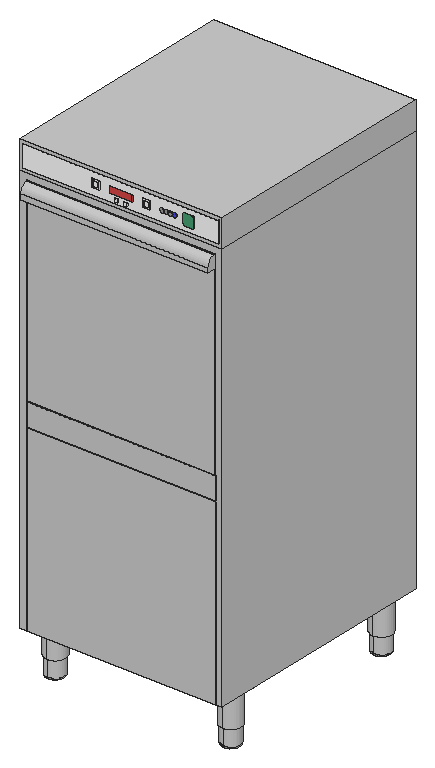
Revit family "QF_COMENDA_CE90", category Attrezzature speciali, Revit 2019
Family settings
  Quota connettore circolare = Usa diametro
  Tipo di parte = Normale
  Numero OmniClass = 23.40.40.14
  Titolo OmniClass = Food Service Equipment
  Basato su piano di lavoro = No
  Sempre verticale = Sì
  Taglio con vuoti quando caricato = No
  Condiviso = No
  Punto di calcolo locali = No
Parameters (values of type "H59023")
  URL catalogo = ""
  URL = "https://www.hoonved.com/"
  Tipo di scarico indiretto acqua [instance] = ""
  Tipo di raccordo elettrico [instance] = ""
  Tensione = 400 V
  Temperatura raccomandata per acqua calda  = 60 °C
  Temperatura di alimentazione acqua calda = 60 °C
  Stato [instance] = ""
  Specifiche del Fabbricante [instance] = ""
  Specifiche da parte dell'utilizzatore [instance] = ""
  Specifiche da capitolato = ""
  SMACNA specifica per materiali USA = ""
  Protezione contro le sovracorrenti = 0 A
  Profondità = 742 mm
  Potenza in CV = ""
  Potenza elettrica = 7500 W
  Potenza apparente = 7500 VA
  Portata acqua calda = 0.0 L/s
  Peso netto = 0.00 kg
  Numero di serie = ""
  Numero di identificazione NAFEM = ""
  Numero dei poli = 3
  Modello = "C90DE"
  Produttore = "HOONVED"
  Lunghezza = 620 mm
  Installato da [instance] = ""
  Identificatore attrezzatura [instance] = no
  Identificare quantità come lotto [instance] = no
  Frequenza = 50 Hz
  Fornito da [instance] = ""
  Fase = 3
  Diametro raccordo acqua calda = 19.05 mm
  Diametro di scarico indiretto acqua = 50.8 mm
  Descrizione = "MULTIPURPOSE WASHER 500X600 MM RACK SIZE WITH WATER SOFTENER"
  Costo = 0
  Corrente a pieno carico = 10.8 A
  Codice di revisione [instance] = ""
  Codice articolo [instance] = ""
  Classificazione sismica = ""
  Classificazione nel progetto = ""
  Cavo e spina di alimentazione = ""
  Cavo di allacciamento compreso nella fornitura = no
  Assorbimento corrente minimo = 0 A
  Annotazioni scarico [instance] = ""
  Altezza indiretto acqua da pavimento finito [instance] = 225 mm
  Altezza dello scarico diretto acqua da pavimento grezzo [instance] = 0 mm
  Altezza da terra raccordo acqua calda [instance] = 225 mm
  Altezza da pavimento grezzo raccordo acqua calda  [instance] = 0 mm
  Altezza allacciamento elettrico da pavimento grezzo [instance] = 0 mm
  Altezza allacciamento elettrico da pavimento finito [instance] = 453 mm
  Altezza = 1495 mm
  Accessorio = no
Types (3, lengths in mm): name | Modello | Descrizione
  H59022 | "C90E" | "MULTIPURPOSE WASHER 500X600 MM RACK SIZE"
  H59020 | "C90EBT" | "MULTIPURPOSE WASHER 500X600 MM RACK SIZE WITH BREAK TANK"
  H59023 | "C90DE" | "MULTIPURPOSE WASHER 500X600 MM RACK SIZE WITH WATER SOFTENER"
Reference planes
  plane 1 "Centro (Fronte/Retro)": y = 0
  plane 2: z = 0
  plane 3 "Centro (Sinistra/Destra)": x = 0
Forms (mm)
  Extrusion 1, solid, not visible
    sketch origin (419, -2, 452) x (1, 0, 0) y (0, 1, 0)
      loop
        line (0, 0) -> (2, 0) -> (2, 2) -> (0, 2) -> (0, 0)
    from 0 to 2
  Extrusion 2, solid, not visible
    sketch origin (419, -2, 224) x (1, 0, 0) y (0, 1, 0)
      loop
        line (0, 0) -> (2, 0) -> (2, 2) -> (0, 2) -> (0, 0)
    from 0 to 2
  Extrusion 3, solid, not visible
    sketch origin (159, -2, 224) x (1, 0, 0) y (0, 1, 0)
      loop
        line (0, 0) -> (2, 0) -> (2, 2) -> (0, 2) -> (0, 0)
    from 0 to 2
Dimensions and locks
  aligned and locked: level to plane 2
Nested families
  nested 1: "QF_HOONVE_C90E" at (0, 0, 0), type "H59022"
    with Show Logo yes, Show Clearance yes
Connectors
  electrical at (420, 0, 453), driven by "Potenza apparente", driven by "Numero dei poli", driven by "Tensione"
    settings: on Extrusion 1, index 1, voltage 400 V, apparent load 0 VA, apparent load phase1 7500 VA, apparent load phase2 0 VA, apparent load phase3 0 VA, power factor 1, load classification "Other", number of poles 3, system type 31, power factor state 1, is connector primary yes, connector utility no, sub classification motor no, connector description "Electric connection for '601682'"
  piping at (420, 0, 225), diameter 19.05, driven by "Diametro raccordo acqua calda", driven by "Portata acqua calda"
    settings: on Extrusion 2, index 2, connector inside diameter 609.6 mm, connector length 0 mm, flow factor 0, pipe flow 0.0 L/s, pressure drop 0.0 Pa, fitting loss kfactor 0, connector angle 0.00°, fixture units 0, engagement length 0 mm, angle of deflection 0.00°, flow configuration 1, flow direction 1, fitting loss method 0, system type 19, joint type 0, gender type 0, connector reference index -1, connector utility 0, adjustable connector no, is connector primary yes, connector description "Hot Water connection for '601682'"
  piping at (160, 0, 225), diameter 50.8, driven by "Diametro di scarico indiretto acqua"
    settings: on Extrusion 3, index 3, connector inside diameter 609.6 mm, connector length 0 mm, flow factor 0, pipe flow 0.0 L/s, pressure drop 0.0 Pa, fitting loss kfactor 0, connector angle 0.00°, fixture units 0, engagement length 0 mm, angle of deflection 0.00°, flow configuration 1, flow direction 2, fitting loss method 0, system type 16, joint type 0, gender type 0, connector reference index -1, connector utility 0, adjustable connector no, is connector primary no, connector description "Drain connection for '601682'"
Definition of nested family "QF_HOONVE_C90E"
  Parameters (values of type "H59023")
    URL = "https://www.hoonved.com/"
    Show Logo [instance] = yes
    Show Clearance [instance] = yes
    Model = "C90DE"
    Manufacturer = "HOONVED"
    Description = "MULTIPURPOSE WASHER 500X600 MM RACK SIZE WITH WATER SOFTENER"
    Assembly Code = ""
  Types (3, lengths in mm): name | Model | Description
    H59022 | "C90E" | "MULTIPURPOSE WASHER 500X600 MM RACK SIZE"
    H59020 | "C90EBT" | "MULTIPURPOSE WASHER 500X600 MM RACK SIZE WITH BREAK TANK"
    H59023 | "C90DE" | "MULTIPURPOSE WASHER 500X600 MM RACK SIZE WITH WATER SOFTENER"
  Reference planes
    plane 1 "Back": y = 0
    plane 2: z = 0
    plane 3 "Left": x = 0
    plane 4 "Right": x = 620
    plane 5 "Front": y = -742
    plane 6 "Top": z = 1495
  Forms (mm)
    Extrusion 1, solid
      sketch origin (0, 0, 146.56) x (1, 0, 0) y (0, 1, 0)
        loop
          line (5.879, -24.905) -> (5.879, -134.905) -> (75.879, -134.905) -> (75.879, -24.905) -> (5.879, -24.905)
      from 0 to 3.44
    Revolve 2, solid
      sketch origin (40.911, 0, 0) x (0, 1, 0) y (0, 0, 1)
        loop
          line (-47.905, 56.56) -> (-47.905, 146.56) -> (-79.905, 146.56) -> (-79.905, 0) -> (-56.359, 0)
          arc (-56.359, 0) -> (-53.21, 1.305) -> (-51.905, 4.454) r 4.454
          line (-51.905, 4.454) -> (-51.905, 56.56) -> (-47.905, 56.56)
        axis (-79.905, 0) -> (-79.905, 146.56)
      angle from 0 to 360
    Revolve 3, solid
      sketch origin (579.309, 0, 0) x (0, 1, 0) y (0, 0, 1)
        loop
          line (-47.905, 56.56) -> (-47.905, 146.56) -> (-79.905, 146.56) -> (-79.905, 0) -> (-56.359, 0)
          arc (-56.359, 0) -> (-53.21, 1.305) -> (-51.905, 4.454) r 4.454
          line (-51.905, 4.454) -> (-51.905, 56.56) -> (-47.905, 56.56)
        axis (-79.905, 0) -> (-79.905, 146.56)
      angle from 0 to 360
    Revolve 4, solid
      sketch origin (40.911, -578.197, 0) x (0, 1, 0) y (0, 0, 1)
        loop
          line (-47.905, 56.56) -> (-47.905, 146.56) -> (-79.905, 146.56) -> (-79.905, 0) -> (-56.359, 0)
          arc (-56.359, 0) -> (-53.21, 1.305) -> (-51.905, 4.454) r 4.454
          line (-51.905, 4.454) -> (-51.905, 56.56) -> (-47.905, 56.56)
        axis (-79.905, 0) -> (-79.905, 146.56)
      angle from 0 to 360
    Revolve 5, solid
      sketch origin (579.309, -578.197, 0) x (0, 1, 0) y (0, 0, 1)
        loop
          line (-47.905, 56.56) -> (-47.905, 146.56) -> (-79.905, 146.56) -> (-79.905, 0) -> (-56.359, 0)
          arc (-56.359, 0) -> (-53.21, 1.305) -> (-51.905, 4.454) r 4.454
          line (-51.905, 4.454) -> (-51.905, 56.56) -> (-47.905, 56.56)
        axis (-79.905, 0) -> (-79.905, 146.56)
      angle from 0 to 360
    Extrusion 6, solid
      sketch origin (0, 0, 690) x (1, 0, 0) y (0, 1, 0)
        loop
          line (620, 0) -> (0, 0) -> (0, -742) -> (20, -742) -> (20, -717) -> (600, -717) -> (600, -742) -> (620, -742) -> (620, 0)
      from -540 to 699.618
    Extrusion 7, solid
      sketch origin (-15, 71.496, 710) x (1, 0, 0) y (0, 1, 0)
        loop
          line (35, -788.496) -> (35, -813.496) -> (615, -813.496) -> (615, -788.496) -> (35, -788.496)
      from 0 to 70
    Extrusion 8, solid
      sketch origin (-15, 71.496, 892.5) x (1, 0, 0) y (0, 1, 0)
        loop
          line (37.5, -788.496) -> (37.5, -813.496) -> (612.5, -813.496) -> (612.5, -788.496) -> (37.5, -788.496)
      from -110 to 494.618
    Extrusion 9, solid, visible <- "Show Clearance", detail levels coarse
      sketch origin (-15, 67.996, -20) x (0, 1, 0) y (0, 0, 1)
        loop
          arc (-809.996, 1407.118) -> (-1229.634, 1228.399) -> (-1392.871, 802.5) r 584.134
          line (-1392.871, 802.5) -> (-809.996, 802.5) -> (-809.996, 1407.118)
      from 37.5 to 612.5
    Extrusion 10, solid
      sketch origin (620, 0, 146.56) x (-1, 0, 0) y (0, -1, 0)
        loop
          line (5.879, 24.905) -> (75.879, 24.905) -> (75.879, 134.905) -> (5.879, 134.905) -> (5.879, 24.905)
      from 0 to 3.44
    Extrusion 11, solid
      sketch origin (0, -738.007, 146.56) x (1, 0, 0) y (0, 1, 0)
        loop
          line (5.879, 24.905) -> (75.879, 24.905) -> (75.879, 134.905) -> (5.879, 134.905) -> (5.879, 24.905)
      from 0 to 3.44
    Extrusion 12, solid
      sketch origin (620, -738.007, 146.56) x (-1, 0, 0) y (0, -1, 0)
        loop
          line (5.879, -24.905) -> (5.879, -134.905) -> (75.879, -134.905) -> (75.879, -24.905) -> (5.879, -24.905)
      from 0 to 3.44
    Extrusion 13, solid
      sketch origin (0, 71.496, 1297.5) x (1, 0, 0) y (0, 1, 0)
        loop
          line (0, -71.496) -> (0, -813.496) -> (620, -813.496) -> (620, -71.496) -> (0, -71.496)
      from 112.118 to 197.5
    Extrusion 14, solid
      sketch origin (-15, 71.496, 147.5) x (1, 0, 0) y (0, 1, 0)
        loop
          line (35, -788.496) -> (35, -813.496) -> (615, -813.496) -> (615, -788.496) -> (35, -788.496)
      from 2.5 to 560
    Extrusion 15, solid
      sketch origin (0, 71.496, 1277.5) x (1, 0, 0) y (0, 1, 0)
        loop
          line (0, -71.496) -> (0, -813.496) -> (620, -813.496) -> (620, -71.496) -> (0, -71.496)
      from 112.118 to 132.118
    Extrusion 16, solid
      sketch origin (0, -25, 32.5) x (0, 1, 0) y (0, 0, 1)
        loop
          line (-717, 1314.618) -> (-717, 1354.618)
          arc (-717, 1354.618) -> (-734.678, 1347.295) -> (-742, 1329.618) r 25
          line (-742, 1329.618) -> (-742, 1314.618) -> (-717, 1314.618)
      from 22.5 to 597.5
    Extrusion 17, solid
      sketch origin (0, -742.5, 0) x (-1, 0, 0) y (0, 0, 1)
        loop
          line (-10, 1419.618) -> (-10, 1485) -> (-610, 1485) -> (-610, 1419.618) -> (-10, 1419.618)
      from 0 to 2
    Extrusion 18, solid
      sketch origin (0, -743, 0) x (-1, 0, 0) y (0, 0, 1)
        loop
          line (-275, 1462.309) -> (-345, 1462.309) -> (-345, 1442.309) -> (-275, 1442.309) -> (-275, 1462.309)
      from 0 to 2.5
    Extrusion 19, solid
      sketch origin (0, -743, 0) x (-1, 0, 0) y (0, 0, 1)
        loop
          line (-506.637, 1469.809) -> (-529.123, 1469.809)
          arc (-529.123, 1469.809) -> (-532.658, 1468.344) -> (-534.123, 1464.809) r 5
          line (-534.123, 1464.809) -> (-534.123, 1439.809)
          arc (-534.123, 1439.809) -> (-532.658, 1436.273) -> (-529.123, 1434.809) r 5
          line (-529.123, 1434.809) -> (-506.637, 1434.809)
          arc (-506.637, 1434.809) -> (-503.102, 1436.273) -> (-501.637, 1439.809) r 5
          line (-501.637, 1439.809) -> (-501.637, 1464.809)
          arc (-501.637, 1464.809) -> (-503.102, 1468.344) -> (-506.637, 1469.809) r 5
      from 0 to 2.5
    Extrusion 20, solid
      sketch origin (0, -743, 0) x (-1, 0, 0) y (0, 0, 1)
        loop
          circle (-436.637, 1452.309) r 6
        loop
          circle (-449.637, 1452.309) r 6
        loop
          circle (-462.637, 1452.309) r 6
      from 0 to 2.5
    Extrusion 21, solid
      sketch origin (0, -743, 0) x (-1, 0, 0) y (0, 0, 1)
        loop
          line (-376.339, 1464.809) -> (-399.321, 1464.809) -> (-399.321, 1439.809) -> (-376.339, 1439.809) -> (-376.339, 1464.809)
        loop
          line (-379.339, 1442.809) -> (-379.339, 1461.809) -> (-396.321, 1461.809) -> (-396.321, 1442.809) -> (-379.339, 1442.809)
      from 0 to 2.5
    Extrusion 22, solid
      sketch origin (0, -743, 0) x (-1, 0, 0) y (0, 0, 1)
        loop
          line (-290.254, 1434.82) -> (-300.254, 1434.82) -> (-300.254, 1424.82) -> (-290.254, 1424.82) -> (-290.254, 1434.82)
        loop
          line (-329.746, 1434.82) -> (-329.746, 1424.82) -> (-319.746, 1424.82) -> (-319.746, 1434.82) -> (-329.746, 1434.82)
      from 0 to 2.5
    Extrusion 23, solid
      sketch origin (620, -743, 0) x (1, 0, 0) y (0, 0, -1)
        loop
          line (-376.339, -1464.809) -> (-376.339, -1439.809) -> (-399.321, -1439.809) -> (-399.321, -1464.809) -> (-376.339, -1464.809)
        loop
          line (-379.339, -1442.809) -> (-396.321, -1442.809) -> (-396.321, -1461.809) -> (-379.339, -1461.809) -> (-379.339, -1442.809)
      from 0 to 2.5
    Extrusion 24, solid
      sketch origin (0, -743, 0) x (-1, 0, 0) y (0, 0, 1)
        loop
          circle (-475.637, 1452.309) r 6
      from 0 to 2.5
  Cuts and joins
    joined: Extrusion 6, Extrusion 15
  Lines and regions (mm)
    symbolic lines
      curve 1: line (0, 0, 0) -> (620, 0, 0)
      curve 2: line (620, 0, 0) -> (620, -742, 0)
      curve 3: line (597.5, -742, 0) -> (597.5, -767, 0)
      curve 4: line (597.5, -767, 0) -> (22.5, -767, 0)
      curve 5: line (22.5, -767, 0) -> (22.5, -742, 0)
      curve 6: line (620, -742, 0) -> (0, -742, 0)
      curve 7: line (0, -742, 0) -> (0, 0, 0)
    symbolic lines, visible <- "Show Clearance"
      curve 8: line (22.5, -767, 0) -> (22.5, -1324.875, 0)
      curve 9: line (22.5, -1324.875, 0) -> (597.5, -1324.875, 0)
      curve 10: line (597.5, -1324.875, 0) -> (597.5, -767, 0)
  Dimensions and locks
    plane 3 "Left" to plane 4 "Right" = 620 mm
    plane 5 "Front" to plane 1 "Back" = 742 mm
    plane 6 "Top" to level = 1495 mm  (x2)
    aligned and locked: level to plane 2
